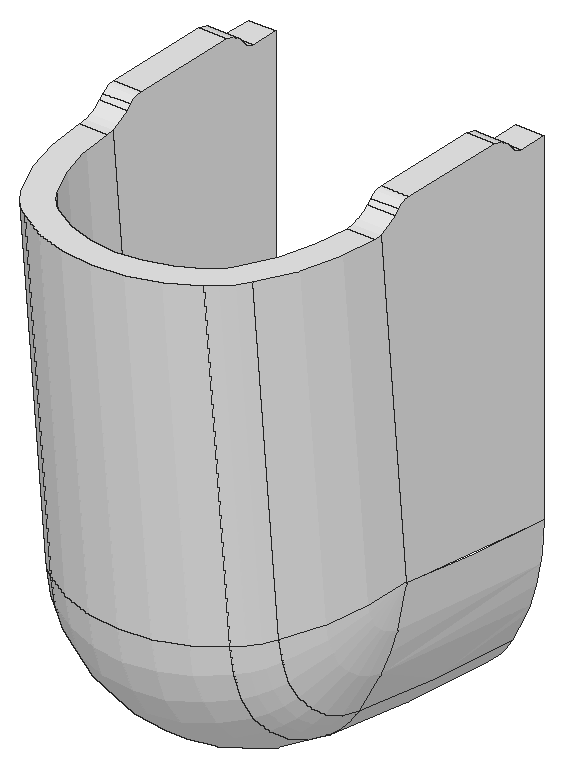
Revit family "PlumbingFixture_GroheLimited_BauCeramicHalfPedestal_39426000_METRIC1", category Plumbing Fixtures, Revit 2015
Parameters (values of type "39426000")
  _DistributedBy = "www.bimstore.co.uk"
  _CurrentRevision = 1
  _CreatedBy = "www.bimstore.co.uk"
  _BimSpecGuid = 0
  _BSBibleVersion = 14
  _AuthorizedBy = "Kris Atkinson"
  _Author = "Ian Holmes"
  Waste Connection = yes
  WarrantyStartDate [instance] = "Please Record On Commissioning."
  WarrantyGuarantorParts = "info-uk@grohe.com"
  WarrantyGuarantorLabor = "info-uk@grohe.com"
  WarrantyDurationUnit = "Years"
  WarrantyDurationParts = "n/a"
  WarrantyDurationLabor = "n/a"
  WarrantyDescription = "n/a"
  WFU = 0
  Vent Connection = no
  URL = "www.grohe.com"
  TypeName = "Bau Ceramic Half Pedestal"
  Type Comments = "39426000"
  SpareParts = "n/a"
  Size = "n/a"
  Shape = "n/a"
  SerialNumber [instance] = "Please Record On Commissioning."
  ReplacementCost = "n/a"
  ReferencedStandard = "n/a"
  ProductionYear = "2017"
  ProductPageURL = "https://www.grohe.co.uk/en_gb/half-pedestal-39426000.html"
  ProductDocumentationLink = "https://www.grohe.co.uk/en_gb/half-pedestal-39426000.html"
  PrimaryMaterial = Ceramic, White
  PercentageOfRecycledContent = "n/a"
  OffsetFromLevel [instance] = 500 mm
  NominalLength = 0 mm
  NominalHeight = 0 mm
  NominalDepth = 0 mm
  NBSReference = "45-35-70/365"
  NBSOfficeMasterTag = "n/a"
  NBSObjectName = "Grohe Limited -  Pedestal wash basins"
  NBSNote = ""
  NBSDescription = "Pedestal wash basins"
  ModelReference = "Bau Ceramic Half Pedestal"
  ModelNumber = "39426000"
  Model = "Bau Ceramic Half Pedestal"
  Material = "Ceramic"
  MasterformatTitle = "Sanitary Facilities"
  MasterformatNumber = "01 52 19"
  ManufacturerName = "Grohe Limited"
  Manufacturer = "Grohe Limited"
  LowEmittingMaterial = no
  LEEDCredit = "n/a"
  Keynote = "N13"
  InstallationDate [instance] = "Please Record On Commissioning."
  IndustryStandards = "n/a"
  IfcExportType = "IfcPipeFittingType"
  IfcExportAs = "IfcPipeFitting"
  HotWaterConnectionDiameter = 10 mm
  HWFU = 4.5
  HW Connection = no
  Grade = "n/a"
  Finish = "Ceramic"
  Features = "vitreous China"
  ExpectedLife = 0
  Ecojoy = no
  DurationUnit = "Years"
  DocumentationTechnical = "n/a"
  DocumentationMaintenance = "n/a"
  DocumentationLiterature = "n/a"
  DocumentationInstallationGuide = "n/a"
  DocumentationCertificates = "n/a"
  Description = "vitreous China"
  CreatedOn = "2017-07-01T09:00:00"
  CreatedBy = "info-uk@grohe.com"
  Cost = 0
  Constituents = "n/a"
  Color = "White"
  ColdWaterConnectionDiameter = 10 mm
  CodePerformance = "n/a"
  ClassificationValue = "Pr_40_20_96_63"
  ClassificationName = "Uniclass2015"
  CWFU = 4.5
  CW Connection = no
  BarCode [instance] = "Please Record On Commissioning."
  BIMObjectName = "PlumbingFixture_GroheLimited_BauCeramicHalfPedestal_39426000_METRIC"
  AssetType = "Fixed"
  AssetIdentifier [instance] = "Please Record On Commissioning."
  Assembly Code = "D2010"
  AccessibilityPerformance = "n/a"
  ADACompliant = no
Reference planes
  plane 1 "Center (Front/Back)": y = 0
  plane 2: z = 0
  plane 3 "Center (Left/Right)": x = 0
  plane 4 "OffsetFromLevel": z = 500
Dimensions and locks
  "OffsetFromLevel": plane 4 "OffsetFromLevel" to plane 2
  aligned and locked: level to plane 2
  aligned and locked: plane 1 "Center (Front/Back)" to nested 1
  aligned and locked: plane 3 "Center (Left/Right)" to nested 1
  aligned and locked: nested 1 to plane 4 "OffsetFromLevel"
Nested families
  nested 1: "39426000" at (0, 0, 175), type "39426000"
Definition of nested family "39426000"
  Parameters (values of type "39426000")
    Waste Connection = yes
    WFU = 0
    Vent Connection = no
    URL = "www.grohe.com"
    Type Comments = "39426000"
    PrimaryMaterial = none
    Model = "Bau Ceramic Half Pedestal"
    Manufacturer = "Grohe Limited"
    Keynote = "N13"
    HWFU = 4.5
    HW Connection = no
    Description = "vitreous China"
    Cost = 0
    CWFU = 4.5
    CW Connection = no
    Assembly Code = "D2010"
  Reference planes
    plane 1 "Center (Front/Back)": y = 0
    plane 2: z = 0
    plane 3 "Center (Left/Right)": x = 0
    plane 4: z = 325
    plane 5: z = 162.5
  Forms (mm)
    Sweep 1, void
      path in 3D
        loop
          line (0, -261.644, 364.413) -> (0, -237.032, 110.603)
          arc (0, -237.032, 110.603) -> (0, -202.444, 34.202) -> (0, -128.401, -5.181) r 130
          arc (0, -128.401, -5.181) -> (0, -54.737, -14.699) -> (0, 19.383, -19.502) r 1164.504
      profile origin (0, -249.338, 237.508) x (0, 0.995331, 0.096518) y (1, 0, 0)
        loop
          arc (128.625, -93.173) -> (89.844, -88.078) -> (53.696, -73.137) r 150.125
          arc (53.696, -73.137) -> (43.644, -65.792) -> (35.409, -56.456) r 57.5
          arc (35.409, -56.456) -> (17.5, 0) -> (35.409, 56.456) r 97.941
          arc (35.409, 56.456) -> (43.644, 65.792) -> (53.696, 73.137) r 57.5
          arc (53.696, 73.137) -> (89.844, 88.078) -> (128.625, 93.173) r 150.125
          line (128.625, 93.173) -> (128.625, 130.673) -> (-14.676, 130.673) -> (-14.676, -130.673) -> (128.625, -130.673) -> (128.625, -93.173)
        loop
          line (128.625, -75.673) -> (128.625, 75.673)
          arc (128.625, 75.673) -> (94.365, 71.172) -> (62.43, 57.973) r 132.625
          arc (62.43, 57.973) -> (55.438, 52.863) -> (49.709, 46.368) r 40
          arc (49.709, 46.368) -> (35, 0) -> (49.709, -46.368) r 80.441
          arc (49.709, -46.368) -> (55.438, -52.863) -> (62.43, -57.973) r 40
          arc (62.43, -57.973) -> (94.365, -71.172) -> (128.625, -75.673) r 132.625
    Extrusion 2, void
      sketch origin (0, 0, 0) x (0, 1, 0) y (0, 0, 1)
        loop
          arc (-107.858, 121.793) -> (-10.415, 110.731) -> (87.638, 108.933) r 1035.879
          line (87.638, 108.933) -> (87.638, 391.827) -> (-135.074, 391.827) -> (-109.007, 123.018)
          arc (-109.007, 123.018) -> (-108.641, 122.21) -> (-107.858, 121.793) r 1.375
      from 93.173 to 130.673
    Extrusion 3, void
      sketch origin (0, 0, 0) x (0, 1, 0) y (0, 0, -1)
        loop
          arc (-107.858, -121.793) -> (-108.641, -122.21) -> (-109.007, -123.018) r 1.375
          line (-109.007, -123.018) -> (-135.074, -391.827) -> (87.638, -391.827) -> (87.638, -108.933)
          arc (87.638, -108.933) -> (-10.415, -110.731) -> (-107.858, -121.793) r 1035.879
      from 93.173 to 130.673
    Extrusion 4, solid, material <- "PrimaryMaterial"
      sketch origin (0, 0, 0) x (0, 1, 0) y (0, 0, 1)
        loop
          line (-242.455, 346.992) -> (-219.532, 110.603)
          arc (-219.532, 110.603) -> (-184.944, 34.202) -> (-110.901, -5.181) r 130
          arc (-110.901, -5.181) -> (-55.601, -12.772) -> (0, -17.705) r 1164.504
          line (0, -17.705) -> (0, 346.992) -> (-242.455, 346.992)
      from -110.673 to 110.673
    Extrusion 5, void
      sketch origin (0, 0, 0) x (0, 1, 0) y (0, 0, -1)
        loop
          arc (-107.858, -121.793) -> (-108.641, -122.21) -> (-109.007, -123.018) r 1.375
          line (-109.007, -123.018) -> (-135.074, -391.827) -> (87.638, -391.827) -> (87.638, -108.933)
          arc (87.638, -108.933) -> (-10.415, -110.731) -> (-107.858, -121.793) r 1035.879
      from -75.673 to 75.673
    Extrusion 6, void
      sketch origin (0, 0, 0) x (0, 1, 0) y (0, 0, 1)
        loop
          line (-17.384, 326.992) -> (20.007, 326.992) -> (20.007, 351.992) -> (-269.993, 351.992) -> (-269.993, 326.992) -> (-132.816, 326.992)
          arc (-132.816, 326.992) -> (-124.238, 328.698) -> (-116.966, 333.558) r 22.416
          line (-116.966, 333.558) -> (-114.532, 335.992)
          arc (-114.532, 335.992) -> (-110.672, 338.571) -> (-106.119, 339.476) r 11.897
          line (-106.119, 339.476) -> (-38.684, 339.476)
          arc (-38.684, 339.476) -> (-33.031, 338.275) -> (-28.356, 334.878) r 13.898
          line (-28.356, 334.878) -> (-23.845, 329.869)
          arc (-23.845, 329.869) -> (-20.92, 327.744) -> (-17.384, 326.992) r 8.694
      from -119.672 to 126.237
  Cuts and joins
    Sweep 1, Extrusion 2, Extrusion 3, Extrusion 5, Extrusion 6 cuts Extrusion 4
  Lines and regions (mm)
    reference lines, not visible
      curve 1: line (0, -261.644, 364.413) -> (0, -237.032, 110.603)
      curve 2: arc (0, 19.383, -19.502) -> (0, -54.737, -14.699) -> (0, -128.401, -5.181) r 1164.504
      curve 3: arc (0, -237.032, 110.603) -> (0, -202.444, 34.202) -> (0, -128.401, -5.181) r 130
    sketch lines
      curve 4: line (0, -261.644, 364.413) -> (0, -237.032, 110.603)
      curve 5: arc (0, -237.032, 110.603) -> (0, -202.444, 34.202) -> (0, -128.401, -5.181) r 130
      curve 6: arc (0, 19.383, -19.502) -> (0, -54.737, -14.699) -> (0, -128.401, -5.181) r 1164.504
  Dimensions and locks
    aligned and locked: level to plane 2
